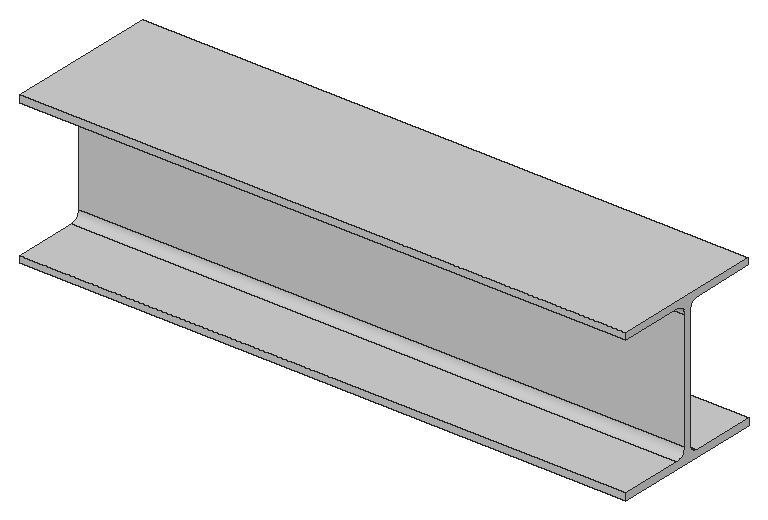
Revit family "c8aadd111f0d4a81b6312578b4880099", category Structural Framing, Revit 2021
Family settings
  Structural Framing Length Roundoff = 0' - 0"
  Section Shape = I-shape Wide Flange
  Material for Model Behavior = Steel
  Always export as geometry = No
  Family Name Key = HP Shapes
  Code Name = AISC 14.1
  OmniClass Number = 23.25.30.11.14.14
  OmniClass Title = Beams
  Seek Item ID = HP-Bearing Pile-0000-USA-ENU
  Always vertical = Yes
  Cut with Voids When Loaded = No
  Symbolic Representation = From Project Settings
  Shared = No
  Show family pre-cut in plan views = Yes
Parameters (values of type "HP12X63")
  Width = 1' - 0.1"
  Web Thickness = 0' - 0.515"
  Web Fillet = 0.735"
  Warping Constant = 5000.00 in⁶
  Torsional Moment of Inertia = 1.830 in⁴
  Structural Material [instance] = Steel ASTM A572
  Section Name Key = ""
  Section Area = 18.40 in²
  Principal Axes Angle = 0.00°
  Plastic Modulus weak axis = 38.70 in³
  Plastic Modulus strong axis = 88.30 in³
  Nominal Weight = 63.00 lbf/ft
  Moment of Inertia weak axis = 153.000 in⁴
  Moment of Inertia strong axis = 472.000 in⁴
  Height = 0' - 11.9"
  Flange Thickness = 0.515"
  Elastic Modulus weak axis = 25.30 in³
  Elastic Modulus strong axis = 79.10 in³
  Centroid Vertical = Height / 2  # 5.950"
  Centroid Horizontal = Width / 2  # 6.050"
  Bolt Spacing = 0' - 5 1/2"
  Assembly Code = "B10"
  Length [instance] = 5' - 0"
Types (2): name | Width | Web Thickness | Web Fillet | Warping Constant | Torsional Moment of Inertia | Section Area | Plastic Modulus weak axis | Plastic Modulus strong axis | Nominal Weight | Moment of Inertia weak axis | Moment of Inertia strong axis | Height | Flange Thickness | Elastic Modulus weak axis | Elastic Modulus strong axis | Centroid Vertical | Centroid Horizontal | Bolt Spacing
  HP12X63 | 1' - 0.1" | 0' - 0.515" | 0.735" | 5000.00 in⁶ | 1.830 in⁴ | 18.40 in² | 38.70 in³ | 88.30 in³ | 63.00 lbf/ft | 153.000 in⁴ | 472.000 in⁴ | 0' - 11.9" | 0.515" | 25.30 in³ | 79.10 in³ | 5.950" | 6.050" | 0' - 5 1/2"
  HP18X135 | 1' - 5.8" | 0' - 0 3/4" | 1.180" | 49500.00 in⁶ | 9.120 in⁴ | 39.90 in² | 122.00 in³ | 281.00 in³ | 135.00 lbf/ft | 706.000 in⁴ | 2200.000 in⁴ | 1' - 5 1/2" | 0.750" | 79.30 in³ | 251.00 in³ | 8.750" | 8.900" | 0' - 7 1/2"
Reference planes (in)
  plane 1 "Center (Front/Back)": y = 0
  plane 2: z = 0
  plane 3 "Center (Left/Right)": x = 0.1815
  plane 4 "Member Left": x = -23.8185
  plane 5 "Member Right": x = 24.1815
  plane 6: y = 6.05
  plane 7: y = -6.05
  plane 8 "Top": z = 5.95
  plane 9: z = -5.95
  plane 10 "Right": x = 30.1815
  plane 11 "Left": x = -29.8185
Forms (in)
  Sweep 1, solid, material "Steel ASTM A572" <- "Structural Material", detail levels fine
    path origin (0, 0, 0) x (1, 0, 0) y (0, 1, 0)
      loop
        line (24.1815, 0) -> (-23.8185, 0)
    profile "HP-Bearing Pile-Profile-Fine : HP-Bearing Pile-Profile-Fine" origin (0.1815, 0, 0) x (0, -1, 0) y (0, 0, 1)
      loop
        line (-6.05, -5.95) -> (6.05, -5.95) -> (6.05, -5.435) -> (0.9925, -5.435)
        arc (0.9925, -5.435) -> (0.47278, -5.21972) -> (0.2575, -4.7) r 0.735
        line (0.2575, -4.7) -> (0.2575, 4.7)
        arc (0.2575, 4.7) -> (0.47278, 5.21972) -> (0.9925, 5.435) r 0.735
        line (0.9925, 5.435) -> (6.05, 5.435) -> (6.05, 5.95) -> (-6.05, 5.95) -> (-6.05, 5.435) -> (-0.9925, 5.435)
        arc (-0.9925, 5.435) -> (-0.47278, 5.21972) -> (-0.2575, 4.7) r 0.735
        line (-0.2575, 4.7) -> (-0.2575, -4.7)
        arc (-0.2575, -4.7) -> (-0.47278, -5.21972) -> (-0.9925, -5.435) r 0.735
        line (-0.9925, -5.435) -> (-6.05, -5.435) -> (-6.05, -5.95)
  Sweep 2, solid, material "Steel ASTM A572" <- "Structural Material", detail levels medium
    path origin (0, 0, 0) x (1, 0, 0) y (0, 1, 0)
      loop
        line (24.1815, 0) -> (-23.8185, 0)
    profile "HP-Bearing Pile-Profile-Medium : HP-Bearing Pile-Profile-Medium" origin (0.1815, 0, 0) x (0, -1, 0) y (0, 0, 1)
      loop
        line (-6.05, -5.95) -> (6.05, -5.95) -> (6.05, -5.435) -> (0.2575, -5.435) -> (0.2575, 5.435) -> (6.05, 5.435) -> (6.05, 5.95) -> (-6.05, 5.95) -> (-6.05, 5.435) -> (-0.2575, 5.435) -> (-0.2575, -5.435) -> (-6.05, -5.435) -> (-6.05, -5.95)
Lines and regions (in)
  symbolic lines, style "Stick Symbols", detail levels coarse
    curve 1: line (0.1815, 6.05, 5.95) -> (0.1815, -6.05, 5.95)
    curve 2: line (0.1815, -6.05, -5.95) -> (0.1815, 6.05, -5.95)
    curve 3: line (0.1815, 0, -5.95) -> (0.1815, 0, 5.95)
  symbolic lines, style "Hidden Faces", detail levels medium+fine
    curve 4: line (24.1815, -0.2575, 0) -> (-23.8185, -0.2575, 0)
    curve 5: line (-23.8185, 0.2575, 0) -> (24.1815, 0.2575, 0)
Dimensions and locks (in)
  "Width": plane 6 to plane 7
  "Height": plane 9 to plane 8 "Top"
  equal spacing: plane 9, plane 2, plane 8 "Top"
  equal spacing: plane 6, plane 1 "Center (Front/Back)", plane 7
  "Length": plane 11 "Left" to plane 10 "Right"
  "Web Thickness": curve 4 to curve 5
  equal spacing: curve 4, plane 1 "Center (Front/Back)", curve 5
  aligned and locked: Sweep 1 sketch curve to plane 1 "Center (Front/Back)"
  aligned and locked: Sweep 2 sketch curve to plane 1 "Center (Front/Back)"
  aligned and locked: Sweep 2 to curve 1
  aligned and locked: Sweep 2 to curve 2
  aligned and locked: curve 1 to Sweep 2  (x2)
  aligned and locked: curve 2 to Sweep 2  (x2)
  aligned and locked: plane 4 "Member Left" to Sweep 2 sketch curve
  aligned and locked: plane 5 "Member Right" to Sweep 2 sketch curve
  aligned and locked: plane 4 "Member Left" to Sweep 1 sketch curve
  aligned and locked: plane 5 "Member Right" to Sweep 1 sketch curve
  aligned and locked: plane 4 "Member Left" to curve 5
  aligned and locked: plane 4 "Member Left" to curve 4
  aligned and locked: plane 5 "Member Right" to curve 5
  aligned and locked: plane 5 "Member Right" to curve 4
  aligned and locked: plane 2 to level
  aligned and locked: plane 1 "Center (Front/Back)" to curve 3
